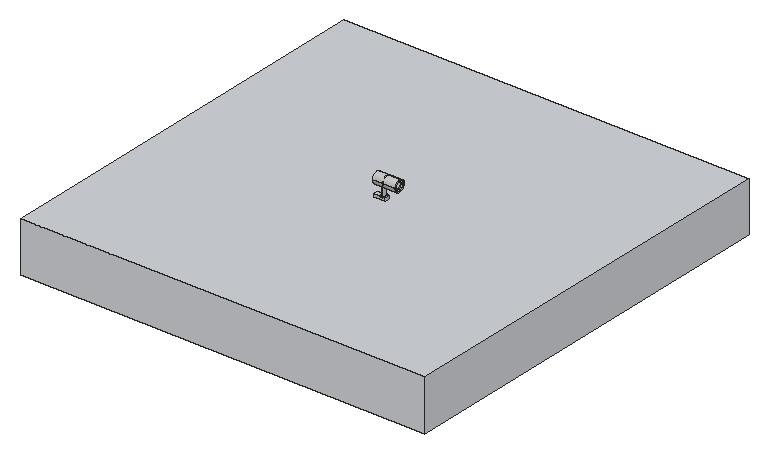
Revit family "LAMP_HANCE TRACK SPOT", category Modelos genéricos, Revit 2015
Parameters (values of type "736LM 3000 BLACK")
  Weight = 0.47 kg
  Type = "COB PHILIPS"
  Total height = 190 mm
  Tilting angle [instance] = 90.00°
  Tilting [instance] = if(Tilting angle < 0.00°, 0.00°, if(Tilting angle > 90.00°, 90.00°, Tilting angle))  # 90.00°
  Rotation angle [instance] = 0.00°
  Rotation [instance] = if(Rotation angle < 0.00°, 90.00°, if(Rotation angle > 355.00°, 85.00°, Rotation angle + 90.00°))  # 90.00°
  Protection rating = "IP20"
  Profundidad tija = if(Longitud cuerpo = 210 mm, 18 mm, 8.2 mm)  # 8.2 mm
  Product datasheet = "http://www.lamp.es/product-files/TECH/HS1TK10SP830NBB-EN.pdf"
  Product code = "HS1TK10SP830NBB"
  Product URL = "http://www.lamp.es/en/family/hance_173901"
  Power Supply = "220-240V 50-60Hz"
  Power = 7 W
  Plum = 8.2 W
  Photometric web file = Cuerpo Hance TRACK SP (tilting) : 736LM 3000 BLACK
  Modelo = Product code  # "HS1TK10SP830NBB"
  Model explanation = "Availability of tilting between 0º and 90º, rotation between 0º and 355º and change ring color when placed in a project."
  Material track = LAMP_Aluminio Hance Negro
  Material tija = LAMP_Aluminio Hance Negro
  Manufacturer name = "LAMP"
  Manufacturer country = "Spain"
  Manufacturer URL = "http://www.lamp.es/es/"
  MacAdam = "3"
  Luminaire type = "Indoor - Spotlight"
  Longitud cuerpo = 135 mm
  Longitud aro = if(Longitud cuerpo = 135 mm, 63.6 mm, if(Longitud cuerpo = 170 mm, 98.6 mm, 138.6 mm))  # 63.6 mm
  Last update = "08/08/2018"
  Lamp = "COB LED"
  LED Lifetime = "50.000 L90 B10"
  Insulation class = "I"
  Installation instructions = "http://www.lamp.es/product-files/INS/1004280-A-INSTR.%20MONT%20HANCE%20TRACK220-SUR-REC.pdf"
  Initial intensity = 736 lm
  Initial color = 3000 K
  IEE = "A+"
  Gear = "Electronic"
  Finish = "Texturised black"
  Fabricante = Manufacturer name  # "LAMP"
  Default Elevation = 1219.2 mm
  Efficacy = 89.78 lm/W
  Diameter = 65 mm
  Descripción = "HANCE TRACK 220 1000 WW SP BK."
  Decorative ring [instance] = Aro decorativo (tilting) : Black
  Comentarios de tipo = Model explanation  # "Availability of tilting between 0º and 90º, rotation between 0º and 355º and change ring color when placed in a project."
  CRI = "80"
  Body height = 135 mm
  Angulo aro [instance] = if(Tilting = 90.00°, 90.00°, -Tilting + 180.00°)  # 90.00°
  Anchura tija = if(Longitud cuerpo = 210 mm, 28 mm, 23 mm)  # 23 mm
  Altura tija = if(Longitud cuerpo = 210 mm, 49 mm, 63 mm)  # 63 mm
Types (17, lengths in mm): name | Weight | Total height | Profundidad tija | Product datasheet | Product code | Power | Plum | Photometric web file | Modelo | Material track | Material tija | Longitud cuerpo | Longitud aro | LED Lifetime | Initial intensity | Initial color | IEE | Finish | Efficacy | Diameter | Descripción | Body height | Anchura tija | Altura tija
  (no name) | 0.47 kg | 190 | 8.2 | "http://www.lamp.es/product-files/TECH/HS1TK10SP830NBB-EN.pdf" | "HS1TK10SP830NBB" | 7 W | 8.2 W | Cuerpo Hance TRACK SP (tilting) : 736LM 3000 BLACK | "HS1TK10SP830NBB" | LAMP_Aluminio Hance Negro | LAMP_Aluminio Hance Negro | 135 | 63.6 | "50.000 L90 B10" | 736 lm | 3000 K | "A+" | "Texturised black" | 89.78 lm/W | 65 | "HANCE TRACK 220 1000 WW SP BK." | 135 | 23 | 63
  736LM 3000 BLACK | 0.47 kg | 190 | 8.2 | "http://www.lamp.es/product-files/TECH/HS1TK10SP830NBB-EN.pdf" | "HS1TK10SP830NBB" | 7 W | 8.2 W | Cuerpo Hance TRACK SP (tilting) : 736LM 3000 BLACK | "HS1TK10SP830NBB" | LAMP_Aluminio Hance Negro | LAMP_Aluminio Hance Negro | 135 | 63.6 | "50.000 L90 B10" | 736 lm | 3000 K | "A+" | "Texturised black" | 89.78 lm/W | 65 | "HANCE TRACK 220 1000 WW SP BK." | 135 | 23 | 63
  736LM 3000 WHITE | 0.47 kg | 190 | 8.2 | "http://www.lamp.es/product-files/TECH/HS1TK10SP830NBW-EN.pdf" | "HS1TK10SP830NBW" | 7 W | 8.2 W | Cuerpo Hance TRACK SP (tilting) : 736LM 3000 WHITE | "HS1TK10SP830NBW" | LAMP_Aluminio Hance Blanco | LAMP_Aluminio Hance Blanco | 135 | 63.6 | "50.000 L90 B10" | 736 lm | 3000 K | "A+" | "Texturised matt white" | 89.78 lm/W | 65 | "HANCE TRACK 220 1000 WW SP WH." | 135 | 23 | 63
  778LM 4000 BLACK | 0.47 kg | 190 | 8.2 | "http://www.lamp.es/product-files/TECH/HS1TK10SP840NBB-EN.pdf" | "HS1TK10SP840NBB" | 7 W | 8.2 W | Cuerpo Hance TRACK SP (tilting) : 778LM 4000 BLACK | "HS1TK10SP840NBB" | LAMP_Aluminio Hance Negro | LAMP_Aluminio Hance Negro | 135 | 63.6 | "50.000 L90 B10" | 778 lm | 4000 K | "A+" | "Texturised black" | 94.88 lm/W | 65 | "HANCE TRACK 220 1000 NW SP BK." | 135 | 23 | 63
  778LM 4000 WHITE | 0.47 kg | 190 | 8.2 | "http://www.lamp.es/product-files/TECH/HS1TK10SP840NBW-EN.pdf" | "HS1TK10SP840NBW" | 7 W | 8.2 W | Cuerpo Hance TRACK SP (tilting) : 778LM 4000 WHITE | "HS1TK10SP840NBW" | LAMP_Aluminio Hance Blanco | LAMP_Aluminio Hance Blanco | 135 | 63.6 | "50.000 L90 B10" | 778 lm | 4000 K | "A+" | "Texturised matt white" | 94.88 lm/W | 65 | "HANCE TRACK 220 1000 NW SP WH." | 135 | 23 | 63
  1577LM 3000 BLACK | 0.65 kg | 225 | 8.2 | "http://www.lamp.es/product-files/TECH/HS1TK20SP830NBB-EN.pdf" | "HS1TK20SP830NBB" | 18 W | 21 W | Cuerpo Hance TRACK SP (tilting) : 1577LM 3000 BLACK | "HS1TK20SP830NBB" | LAMP_Aluminio Hance Negro | LAMP_Aluminio Hance Negro | 170 | 98.6 | "50.000 L80 B10" | 1577 lm | 3000 K | "A" | "Texturised black" | 75.12 lm/W | 65 | "HANCE TRACK 220 2000 WW SP BK." | 170 | 23 | 63
  1577LM 3000 WHITE | 0.65 kg | 225 | 8.2 | "http://www.lamp.es/product-files/TECH/HS1TK20SP830NBW-EN.pdf" | "HS1TK20SP830NBW" | 18 W | 21 W | Cuerpo Hance TRACK SP (tilting) : 1577LM 3000 WHITE | "HS1TK20SP830NBW" | LAMP_Aluminio Hance Blanco | LAMP_Aluminio Hance Blanco | 170 | 98.6 | "50.000 L80 B10" | 1577 lm | 3000 K | "A" | "Texturised matt white" | 75.12 lm/W | 65 | "HANCE TRACK 220 2000 WW SP WH." | 170 | 23 | 63
  1667LM 4000 BLACK | 0.65 kg | 225 | 8.2 | "http://www.lamp.es/product-files/TECH/HS1TK20SP840NBB-EN.pdf" | "HS1TK20SP840NBB" | 18 W | 21 W | Cuerpo Hance TRACK SP (tilting) : 1667LM 4000 BLACK | "HS1TK20SP840NBB" | LAMP_Aluminio Hance Negro | LAMP_Aluminio Hance Negro | 170 | 98.6 | "50.000 L80 B10" | 1667 lm | 4000 K | "A+" | "Texturised black" | 79.38 lm/W | 65 | "HANCE TRACK 220 2000 NW SP BK." | 170 | 23 | 63
  1667LM 4000 WHITE | 0.65 kg | 225 | 8.2 | "http://www.lamp.es/product-files/TECH/HS1TK20SP840NBW-EN.pdf" | "HS1TK20SP840NBW" | 18 W | 21 W | Cuerpo Hance TRACK SP (tilting) : 1667LM 4000 WHITE | "HS1TK20SP840NBW" | LAMP_Aluminio Hance Blanco | LAMP_Aluminio Hance Blanco | 170 | 98.6 | "50.000 L80 B10" | 1667 lm | 4000 K | "A+" | "Texturised matt white" | 79.38 lm/W | 65 | "HANCE TRACK 220 2000 NW SP WH." | 170 | 23 | 63
  2541LM 3000 BLACK | 1.35 kg | 266 | 18 | "http://www.lamp.es/product-files/TECH/HS1TK30SP830NBB-EN.pdf" | "HS1TK30SP830NBB" | 26 W | 28.6 W | Cuerpo Hance TRACK SP (tilting) : 2541LM 3000 BLACK | "HS1TK30SP830NBB" | LAMP_Aluminio Hance Negro | LAMP_Aluminio Hance Negro | 210 | 138.6 | "50.000 L80 B10" | 2541 lm | 3000 K | "A+" | "Texturised black" | 88.83 lm/W | 90 | "HANCE TRACK 220 2000 NW SP BL." | 210 | 28 | 49
  2541LM 3000 WHITE | 1.35 kg | 266 | 18 | "http://www.lamp.es/product-files/TECH/HS1TK30SP830NBW-EN.pdf" | "HS1TK30SP830NBW" | 26 W | 28.6 W | Cuerpo Hance TRACK SP (tilting) : 2541LM 3000 WHITE | "HS1TK30SP830NBW" | LAMP_Aluminio Hance Blanco | LAMP_Aluminio Hance Blanco | 210 | 138.6 | "50.000 L80 B10" | 2541 lm | 3000 K | "A+" | "Texturised matt white" | 88.83 lm/W | 90 | "HANCE TRACK 220 2000 NW SP WH." | 210 | 28 | 49
  2656LM 4000 BLACK | 1.35 kg | 266 | 18 | "http://www.lamp.es/product-files/TECH/HS1TK30SP840NBB-EN.pdf" | "HS1TK30SP840NBB" | 26 W | 28.6 W | Cuerpo Hance TRACK SP (tilting) : 2656LM 4000 BLACK | "HS1TK30SP840NBB" | LAMP_Aluminio Hance Negro | LAMP_Aluminio Hance Negro | 210 | 138.6 | "50.000 L80 B10" | 2656 lm | 4000 K | "A+" | "Texturised black" | 92.87 lm/W | 90 | "HANCE TRACK 220 3000 NW SP BK." | 210 | 28 | 49
  2656LM 4000 WHITE | 1.35 kg | 266 | 18 | "http://www.lamp.es/product-files/TECH/HS1TK30SP840NBW-EN.pdf" | "HS1TK30SP840NBW" | 26 W | 28.6 W | Cuerpo Hance TRACK SP (tilting) : 2656LM 4000 WHITE | "HS1TK30SP840NBW" | LAMP_Aluminio Hance Blanco | LAMP_Aluminio Hance Blanco | 210 | 138.6 | "50.000 L80 B10" | 2656 lm | 4000 K | "A+" | "Texturised matt white" | 92.87 lm/W | 90 | "HANCE TRACK 220 3000 NW SP WH." | 210 | 28 | 49
  3295LM 3000 BLACK | 1.35 kg | 266 | 18 | "http://www.lamp.es/product-files/TECH/HS1TK40SP830NBB-EN.pdf" | "HS1TK40SP830NBB" | 35 W | 39.5 W | Cuerpo Hance TRACK SP (tilting) : 3295LM 3000 BLACK | "HS1TK40SP830NBB" | LAMP_Aluminio Hance Negro | LAMP_Aluminio Hance Negro | 210 | 138.6 | "50.000 L80 B10" | 3295 lm | 3000 K | "A+" | "Texturised black" | 83.42 lm/W | 90 | "HANCE TRACK 220 4000 WW SP BK." | 210 | 28 | 49
  3295LM 3000 WHITE | 1.35 kg | 266 | 18 | "http://www.lamp.es/product-files/TECH/HS1TK40SP830NBW-EN.pdf" | "HS1TK40SP830NBW" | 35 W | 39.5 W | Cuerpo Hance TRACK SP (tilting) : 3295LM 3000 WHITE | "HS1TK40SP830NBW" | LAMP_Aluminio Hance Blanco | LAMP_Aluminio Hance Blanco | 210 | 138.6 | "50.000 L80 B10" | 3295 lm | 3000 K | "A+" | "Texturised matt white" | 83.42 lm/W | 90 | "HANCE TRACK 220 4000 WW SP WH." | 210 | 28 | 49
  3431LM 4000 BLACK | 1.35 kg | 266 | 18 | "http://www.lamp.es/product-files/TECH/HS1TK40SP840NBB-EN.pdf" | "HS1TK40SP840NBB" | 35 W | 39.5 W | Cuerpo Hance TRACK SP (tilting) : 3431LM 4000 BLACK | "HS1TK40SP840NBB" | LAMP_Aluminio Hance Negro | LAMP_Aluminio Hance Negro | 210 | 138.6 | "50.000 L80 B10" | 3431 lm | 4000 K | "A+" | "Texturised black" | 86.86 lm/W | 90 | "HANCE TRACK 220 4000 NW SP BK." | 210 | 28 | 49
  3431LM 4000 WHITE | 1.35 kg | 266 | 18 | "http://www.lamp.es/product-files/TECH/HS1TK40SP840NBW-EN.pdf" | "HS1TK40SP840NBW" | 35 W | 39.5 W | Cuerpo Hance TRACK SP (tilting) : 3431LM 4000 WHITE | "HS1TK40SP840NBW" | LAMP_Aluminio Hance Blanco | LAMP_Aluminio Hance Blanco | 210 | 138.6 | "50.000 L80 B10" | 3431 lm | 4000 K | "A+" | "Texturised matt white" | 86.86 lm/W | 90 | "HANCE TRACK 220 4000 NW SP WH." | 210 | 28 | 49
Reference planes
  plane 1 "Centro (Frontal/Posterior)": y = 0
  plane 2: z = 0
  plane 3 "Centro (Izquierda/Derecha)": x = 0
Forms (mm)
  Extrusion 1, solid
    sketch origin (0, 0, 0) x (1, 0, 0) y (0, 1, 0)
      loop
        line (-1219.2, 1219.2) -> (-1219.2, -1219.2) -> (1219.2, -1219.2) -> (1219.2, 1219.2) -> (-1219.2, 1219.2)
    from 0 to -304.8
  Extrusion 2, solid, material "LAMP_Aluminio Hance Negro" <- "Material track"
    sketch origin (-17.6, 0, 0) x (1, 0, 0) y (0, 1, 0)
      loop
        arc (-31.129, 16) -> (-35, 0) -> (-31.129, -16) r 35
        line (-31.129, -16) -> (31.129, -16)
        arc (31.129, -16) -> (35, 0) -> (31.129, 16) r 35
        line (31.129, 16) -> (-31.129, 16)
    from -26 to 14
  Extrusion 3, void
    sketch origin (0, 0, 0) x (0, 1, 0) y (0, 0, 1)
      loop
        line (17, 0) -> (7, 0) -> (7, -25) -> (-7, -25) -> (-7, 0) -> (-17, 0) -> (-17, -26) -> (17, -26) -> (17, 0)
    from -55.461 to 19.43
  Extrusion 4, void
    sketch origin (-17.6, 0, 0) x (-1, 0, 0) y (0, -1, 0)
      loop
        circle (-17.6, 0) r 6.5
    from -7.7 to 14
  Extrusion 5, solid, material "LAMP_Aluminio Hance Negro" <- "Material track"
    sketch origin (0, 0, 0) x (1, 0, 0) y (0, 1, 0)
      loop
        circle (-1, 0) r 15.5
    from 14 to 18
Cuts and joins
  Extrusion 3, Extrusion 4 cuts Extrusion 2
Lines and regions (mm)
  reference lines
    curve 1: line (0, 0, 0) -> (50, 0, 0)
Text (mm)
  text "Any modification of the parameters and properties of the LAMP BIM models must be executed and validated by the LAMP technical department.\n\nPhone: +34 93 736 68 00\n\nE-mail: lamp@lamp.es\n\n\n\nLAMP reserves the right to modify the technical specifications of its products." at (-20972.013, 13751.942, -8580.163), in view "Preview"
Dimensions and locks
  "Rotation": angle curve 1 to plane 3 "Centro (Izquierda/Derecha)"
  aligned and locked: plane 2 to Extrusion 1
  aligned and locked: level to Extrusion 1
  aligned and locked: plane 3 "Centro (Izquierda/Derecha)" to curve 1
  aligned and locked: plane 1 "Centro (Frontal/Posterior)" to curve 1
Automatic sketch dimensions
  Extrusion 1 sketch curve to Extrusion 1 sketch curve = 2438.4 mm  (x2)
  Extrusion 2 sketch curve to Extrusion 2 sketch curve = 0 mm  (x2)
  plane 1 "Centro (Frontal/Posterior)" to Extrusion 2 sketch curve = 0 mm
  Extrusion 2 sketch curve to plane 1 "Centro (Frontal/Posterior)" = 16 mm
  Extrusion 2 sketch curve to plane 3 "Centro (Izquierda/Derecha)" = 48.729 mm
  plane 1 "Centro (Frontal/Posterior)" to Extrusion 2 sketch curve = 16 mm
  Extrusion 2 sketch curve to plane 3 "Centro (Izquierda/Derecha)" = 17.6 mm
  plane 3 "Centro (Izquierda/Derecha)" to Extrusion 2 sketch curve = 13.529 mm
  Extrusion 3 sketch curve to level = 0 mm  (x2)
  plane 1 "Centro (Frontal/Posterior)" to Extrusion 3 sketch curve = 17 mm
  plane 1 "Centro (Frontal/Posterior)" to Extrusion 3 sketch curve = 7 mm
  Extrusion 3 sketch curve to plane 1 "Centro (Frontal/Posterior)" = 7 mm
  Extrusion 3 sketch curve to Extrusion 3 sketch curve = 10 mm
  Extrusion 3 sketch curve to Extrusion 3 sketch curve = 25 mm
  Extrusion 3 sketch curve to Extrusion 3 sketch curve = 1 mm
  plane 1 "Centro (Frontal/Posterior)" to Extrusion 4 sketch curve = 0 mm
  Extrusion 4 sketch curve to plane 3 "Centro (Izquierda/Derecha)" = 0 mm
  Extrusion 5 sketch curve to curve 1 = 0 mm
  Extrusion 5 sketch curve to curve 1 = 1 mm
  radius of Extrusion 4 sketch curve = 6.5 mm
  radius of Extrusion 5 sketch curve = 15.5 mm
Nested families
  nested 1: "Aro decorativo (tilting)" at (-0.5, 0, 73.163) x (1, 0, 0) z (0, 0, -1), type <- "Decorative ring", type "Black"
  nested 2: "Tija track" at (1, 0, 18), type "Tija track"
  nested 3: "Cuerpo Hance TRACK SP (tilting)" at (-0.525, 0, 73.145) x (1, 0, 0) z (0, 0, -1), type <- "Photometric web file", type "736LM 3000 BLACK"
Connectors
  electrical at (-17.6, 0, -25)
    settings: on cut or joined group of Extrusion 2, Extrusion 3, Extrusion 4, index 1, voltage 230 V, apparent load 0 VA, apparent load phase1 0 VA, apparent load phase2 0 VA, apparent load phase3 0 VA, power factor 1, load classification "Otro", number of poles 1, system type 31, power factor state 1, is connector primary yes, connector utility no, sub classification motor no, connector description ""
Definition of nested family "Aro decorativo (tilting)"
  Parameters (values of type "Copper")
    Weight (3000/4000) = 0.016 kg
    Weight (1000/2000) = 0.01 kg
    Tilting = 90.00°
    Product datasheet = ""
    Product code (3000/4000) = "HSRI90C"
    Product code (1000/2000) = "HSRI65C"
    Product URL = ""
    Model = ""
    Material aro = none
    Manufacturer name = "LAMP"
    Manufacturer country = "Spain"
    Manufacturer URL = "http://www.lamp.es/en"
    Longitud = 63.6 mm
    Last update = "21/05/2018"
    Installation instructions = ""
    Finish = "Metalized matt copper"
    Manufacturer = Manufacturer name  # "LAMP"
    Default Elevation = 1219.2 mm
    Diameter (3000/4000) = 90 mm
    Diameter (1000/2000) = 65 mm
    Description = ""
    Accessory Type = "Optic"
    3000/4000 Model = "HSRI90C"
    3000/4000 Description = "HANCE 3000/4000 ACC. RING DECO CO."
    1000/2000 Model = "HSRI65C"
    1000/2000 Description = "HANCE 1000/2000 ACC. RING DECO CO."
  Types (5, lengths in mm): name | Product code (3000/4000) | Product code (1000/2000) | Finish | 3000/4000 Model | 3000/4000 Description | 1000/2000 Model | 1000/2000 Description
    (no name) | "HSRI90C" | "HSRI65C" | "Metalized matt copper" | "HSRI90C" | "HANCE 3000/4000 ACC. RING DECO CO." | "HSRI65C" | "HANCE 1000/2000 ACC. RING DECO CO."
    Black | "HSRI90B" | "HSRI65B" | "Matt black" | "HSRI90B" | "HANCE 3000/4000 ACC. RING DECO BK." | "HSRI65B" | "HANCE 1000/2000 ACC. RING DECO BK."
    Copper | "HSRI90C" | "HSRI65C" | "Metalized matt copper" | "HSRI90C" | "HANCE 3000/4000 ACC. RING DECO CO." | "HSRI65C" | "HANCE 1000/2000 ACC. RING DECO CO."
    Grey | "HSRI90M" | "HSRI65M" | "Metalized matt silver" | "HSRI90M" | "HANCE 3000/4000 ACC. RING DECO MET." | "HSRI65M" | "HANCE 1000/2000 ACC. RING DECO MET."
    White | "HSRI90W" | "HSRI65W" | "Matt White" | "HSRI90W" | "HANCE 3000/4000 ACC. RING DECO WH." | "HSRI65W" | "HANCE 1000/2000 ACC. RING DECO WH."
  Reference planes
    plane 1 "Centro (Frontal/Posterior)": y = 0
    plane 2: z = 0
    plane 3 "Centro (Izquierda/Derecha)": x = 0
  Lines and regions (mm)
    reference lines
      curve 1: line (0, 0, 0) -> (0, 0, -27.9)
      curve 2: line (0, 0, -27.9) -> (80.8, 0, -27.9)
  Text (mm)
    text "Any modification of the parameters and properties of the LAMP BIM models must be executed and validated by the LAMP technical department.\n\nPhone: +34 93 736 68 00\n\nE-mail: lamp@lamp.es\n\n\n\nLAMP reserves the right to modify the technical specifications of its products." at (86527.204, -96597.187, 50741.736), in view "Preview"
  Dimensions and locks
    "Tilting": angle curve 1 to plane 2
    aligned and locked: level to plane 2
    aligned and locked: plane 3 "Centro (Izquierda/Derecha)" to curve 1
    aligned and locked: plane 2 to curve 1
  Automatic sketch dimensions
    curve 2 to curve 1 = 0 mm
    curve 1 to curve 2 = 0 mm
    curve 1 to curve 2 = 80.8 mm
  Nested families
    nested 1: "Aro decorativo" at (17.2, 0, 0), type "Copper"
  Definition of nested family "Aro decorativo"
    Parameters (values of type "Copper")
      Weight (3000/4000) = 0.016 kg
      Weight (1000/2000) = 0.01 kg
      Product datasheet = ""
      Product code (3000/4000) = "HSRI90C"
      Product code (1000/2000) = "HSRI65C"
      Product URL = ""
      Model = ""
      Material aro = none
      Manufacturer name = "LAMP"
      Manufacturer country = "Spain"
      Manufacturer URL = "http://www.lamp.es/en"
      Longitud = 63.6 mm
      Last update = "21/05/2018"
      Installation instructions = ""
      Finish = "Metalized matt copper"
      Manufacturer = Manufacturer name  # "LAMP"
      Default Elevation = 1219.2 mm
      Diametro vaciado aro interior = if(Diametro aro interior = 35.4 mm, 34.4 mm, 21.9 mm)  # 21.9 mm
      Diametro vaciado aro exterior = if(Diametro aro exterior = 42.9 mm, 41.9 mm, 29.4 mm)  # 29.4 mm
      Diametro aro interior = if(Diametro aro exterior = 42.9 mm, 35.4 mm, 22.9 mm)  # 22.9 mm
      Diametro aro exterior = if(Longitud = 138.6 mm, 42.9 mm, 30.4 mm)  # 30.4 mm
      Diameter (3000/4000) = 90 mm
      Diameter (1000/2000) = 65 mm
      Description = ""
      Accessory Type = "Optic"
      3000/4000 Model = "HSRI90C"
      3000/4000 Description = "HANCE 3000/4000 ACC. RING DECO CO."
      1000/2000 Description = "HANCE 1000/2000 ACC. RING DECO CO."
      1000/2000 Model = "HSRI65C"
    Types (5, lengths in mm): name | Product code (3000/4000) | Product code (1000/2000) | Finish | 3000/4000 Model | 3000/4000 Description | 1000/2000 Description | 1000/2000 Model
      (no name) | "HSRI90C" | "HSRI65C" | "Metalized matt copper" | "HSRI90C" | "HANCE 3000/4000 ACC. RING DECO CO." | "HANCE 1000/2000 ACC. RING DECO CO." | "HSRI65C"
      Black | "HSRI90B" | "HSRI65B" | "Matt black" | "HSRI90B" | "HANCE 3000/4000 ACC. RING DECO BK." | "HANCE 1000/2000 ACC. RING DECO BK." | "HSRI65B"
      Copper | "HSRI90C" | "HSRI65C" | "Metalized matt copper" | "HSRI90C" | "HANCE 3000/4000 ACC. RING DECO CO." | "HANCE 1000/2000 ACC. RING DECO CO." | "HSRI65C"
      Grey | "HSRI90M" | "HSRI65M" | "Metalized matt silver" | "HSRI90M" | "HANCE 3000/4000 ACC. RING DECO MET." | "HANCE 1000/2000 ACC. RING DECO MET." | "HSRI65M"
      White | "HSRI90W" | "HSRI65W" | "Matt white" | "HSRI90W" | "HANCE 3000/4000 ACC. RING DECO WH." | "HANCE 1000/2000 ACC. RING DECO WH." | "HSRI65W"
    Reference planes
      plane 1 "Centro (Frontal/Posterior)": y = 0
      plane 2: z = 0
      plane 3 "Centro (Izquierda/Derecha)": x = 0
    Forms (mm)
      Revolve 1, solid, material <- "Material aro"
        sketch origin (0, 0, -27.9) x (1, 0, 0) y (0, 0, 1)
          loop
            line (63.6, 0) -> (73.782, 0) -> (73.782, 30.4) -> (63.6, 22.9) -> (63.6, 0)
          axis (73.782, 0) -> (63.6, 0)
        angle from 0 to 360
      Revolve 2, void
        sketch origin (0, 0, -27.9) x (1, 0, 0) y (0, 0, 1)
          loop
            line (73.782, 29.4) -> (63.6, 21.9) -> (63.6, 0) -> (73.782, 0) -> (73.782, 29.4)
          axis (63.6, 0) -> (73.782, 0)
        angle from 0 to 360
    Cuts and joins
      Revolve 2 cuts Revolve 1
    Lines and regions (mm)
      reference lines
        curve 1: line (0, 0, -27.9) -> (63.6, 0, -27.9)
    Text (mm)
      text "Any modification of the parameters and properties of the LAMP BIM models must be executed and validated by the LAMP technical department.\n\nPhone: +34 93 736 68 00\n\nE-mail: lamp@lamp.es\n\n\n\nLAMP reserves the right to modify the technical specifications of its products." at (91886.357, -93022.329, 47898.266), in view "Preview"
    Dimensions and locks
      "Diametro aro exterior": Revolve 1 sketch curve to Revolve 1 sketch curve
      "Diametro vaciado aro exterior": Revolve 2 sketch curve to Revolve 2 sketch curve
      "Longitud": curve 1 to plane 3 "Centro (Izquierda/Derecha)"
      "Diametro aro interior": Revolve 1 sketch curve to Revolve 1 sketch curve
      "Diametro vaciado aro interior": Revolve 2 sketch curve to Revolve 2 sketch curve
      aligned and locked: level to plane 2
    Automatic sketch dimensions
      Revolve 1 sketch curve to curve 1 = 0 mm  (x4)
      curve 1 to Revolve 1 sketch curve = 10.182 mm
      Revolve 1 sketch curve to Revolve 1 sketch curve = 0 mm
      Revolve 2 sketch curve to curve 1 = 0 mm  (x3)
      curve 1 to Revolve 2 sketch curve = 10.182 mm
      Revolve 2 sketch curve to curve 1 = 1261.008 mm
      Revolve 2 sketch curve to Revolve 2 sketch curve = 1898.983 mm
      curve 1 to plane 3 "Centro (Izquierda/Derecha)" = 0 mm
      curve 1 to level = 27.9 mm
Definition of nested family "Tija track"
  Parameters (values of type "Tija track")
    Profundidad tija = 8.2 mm
    Material tija = none
    Default Elevation = 1219.2 mm
    Anchura tija = 23 mm
    Profundo vaciado = if(Profundidad tija = 18 mm, 10.8 mm, 1 mm)  # 1 mm
    Ancho vaciado = Anchura tija  # 23 mm
    Altura tija = 63 mm
  Reference planes
    plane 1 "Centro (Frontal/Posterior)": y = 0
    plane 2: z = 0
    plane 3 "Centro (Izquierda/Derecha)": x = 0
  Forms (mm)
    Extrusion 1, solid
      sketch origin (0, 0, 0) x (1, 0, 0) y (0, 1, 0)
        loop
          line (-1219.2, 1219.2) -> (-1219.2, -1219.2) -> (1219.2, -1219.2) -> (1219.2, 1219.2) -> (-1219.2, 1219.2)
      from 0 to -304.8
    Extrusion 2, solid, material <- "Material tija"
      sketch origin (0, 0, -18) x (1, 0, 0) y (0, 0, 1)
        loop
          line (4.1, 18) -> (4.1, 81) -> (-6.297, 81)
          arc (-6.297, 81) -> (-12.297, 75) -> (-6.297, 69) r 6
          line (-6.297, 69) -> (-4.1, 69) -> (-4.1, 18) -> (4.1, 18)
      from -11.5 to 11.5
    Extrusion 3, void
      sketch origin (0, 0, -20) x (-1, 0, 0) y (0, 0, 1)
        loop
          circle (7.297, 77) r 3
        loop
          circle (7.297, 63) r 3
      from -17.317 to 15.502
    Extrusion 4, void
      sketch origin (1, -11.5, 0) x (-1, 0, 0) y (0, 1, 0)
        loop
          line (0, 23) -> (-38.141, 23) -> (-38.141, 0) -> (0, 0)
          arc (0, 0) -> (-1.663, 11.5) -> (0, 23) r 40.6
      from -63 to 0
  Cuts and joins
    Extrusion 3, Extrusion 4 cuts Extrusion 2
  Lines and regions (mm)
    reference lines
      curve 1: line (1, -11.5, 0) -> (1, 11.5, 0)
  Dimensions and locks
    equal spacing: cut or joined group of Extrusion 2, Extrusion 3, Extrusion 4, plane 1 "Centro (Frontal/Posterior)", cut or joined group of Extrusion 2, Extrusion 3, Extrusion 4
    "Anchura tija": cut or joined group of Extrusion 2, Extrusion 3, Extrusion 4 to cut or joined group of Extrusion 2, Extrusion 3, Extrusion 4
    plane 1 "Centro (Frontal/Posterior)" to Extrusion 4 sketch curve = 11.5 mm
    "Altura tija": Extrusion 2 sketch curve to Extrusion 2 sketch curve
    "Profundidad tija": cut or joined group of Extrusion 2, Extrusion 3, Extrusion 4 to cut or joined group of Extrusion 2, Extrusion 3, Extrusion 4
    locked: cut or joined group of Extrusion 2, Extrusion 3, Extrusion 4 to plane 3 "Centro (Izquierda/Derecha)" at 4.1
    locked: plane 3 "Centro (Izquierda/Derecha)" to Extrusion 4 sketch curve at 39.141
    "Profundo vaciado": plane 3 "Centro (Izquierda/Derecha)" to curve 1
    "Ancho vaciado": Extrusion 4 sketch curve to Extrusion 4 sketch curve
    equal spacing: Extrusion 4 sketch curve, plane 1 "Centro (Frontal/Posterior)", Extrusion 4 sketch curve
    aligned and locked: plane 2 to Extrusion 1
    aligned and locked: level to Extrusion 1
  Automatic sketch dimensions
    Extrusion 1 sketch curve to Extrusion 1 sketch curve = 2438.4 mm  (x2)
    Extrusion 3 sketch curve to plane 3 "Centro (Izquierda/Derecha)" = 7.297 mm  (x2)
    level to Extrusion 3 sketch curve = 43 mm
    Extrusion 3 sketch curve to Extrusion 3 sketch curve = 14 mm
    Extrusion 2 sketch curve to level = 0 mm
    Extrusion 2 sketch curve to plane 3 "Centro (Izquierda/Derecha)" = 6.297 mm
    Extrusion 2 sketch curve to Extrusion 2 sketch curve = 2.197 mm
    plane 3 "Centro (Izquierda/Derecha)" to Extrusion 2 sketch curve = 4.1 mm
    Extrusion 2 sketch curve to Extrusion 2 sketch curve = 12 mm
    plane 1 "Centro (Frontal/Posterior)" to curve 1 = 11.5 mm
    curve 1 to plane 1 "Centro (Frontal/Posterior)" = 11.5 mm
    Extrusion 4 sketch curve to curve 1 = 0 mm  (x2)
    curve 1 to Extrusion 4 sketch curve = 38.937 mm
    radius of Extrusion 3 sketch curve = 3 mm  (x2)
Definition of nested family "Cuerpo Hance TRACK SP (tilting)"
  Parameters (values of type "736LM 3000 BLACK")
    Tilting = 90.00°
    Photometric web file = Cuerpo Hance TRACK SP : 736LM 3000 BLACK
    Longitud cuerpo = 135 mm
    Default Elevation = 1219.2 mm
  Types (17, lengths in mm): name | Photometric web file | Longitud cuerpo
    (no name) | Cuerpo Hance TRACK SP : 736LM 3000 BLACK | 135
    736LM 3000 BLACK | Cuerpo Hance TRACK SP : 736LM 3000 BLACK | 135
    736LM 3000 WHITE | Cuerpo Hance TRACK SP : 736LM 3000 WHITE | 135
    778LM 4000 BLACK | Cuerpo Hance TRACK SP : 778LM 4000 BLACK | 135
    778LM 4000 WHITE | Cuerpo Hance TRACK SP : 778LM 4000 WHITE | 135
    1577LM 3000 BLACK | Cuerpo Hance TRACK SP : 1577LM 3000 BLACK | 170
    1577LM 3000 WHITE | Cuerpo Hance TRACK SP : 1577LM 3000 WHITE | 170
    1667LM 4000 BLACK | Cuerpo Hance TRACK SP : 1667LM 4000 BLACK | 170
    1667LM 4000 WHITE | Cuerpo Hance TRACK SP : 1667LM 4000 WHITE | 170
    2541LM 3000 BLACK | Cuerpo Hance TRACK SP : 2541LM 3000 BLACK | 210
    2541LM 3000 WHITE | Cuerpo Hance TRACK SP : 2541LM 3000 WHITE | 210
    2656LM 4000 BLACK | Cuerpo Hance TRACK SP : 2656LM 4000 BLACK | 210
    2656LM 4000 WHITE | Cuerpo Hance TRACK SP : 2656LM 4000 WHITE | 210
    3295LM 3000 BLACK | Cuerpo Hance TRACK SP : 3295LM 3000 BLACK | 210
    3295LM 3000 WHITE | Cuerpo Hance TRACK SP : 3295LM 3000 WHITE | 210
    3431LM 4000 BLACK | Cuerpo Hance TRACK SP : 3431LM 4000 BLACK | 210
    3431LM 4000 WHITE | Cuerpo Hance TRACK SP : 3431LM 4000 WHITE | 210
  Reference planes
    plane 1 "Centro (Frontal/Posterior)": y = 0
    plane 2: z = 0
    plane 3 "Centro (Izquierda/Derecha)": x = 0
  Lines and regions (mm)
    reference lines
      curve 1: line (0, 0, 0) -> (200, 0, 0)
  Dimensions and locks
    "Tilting": angle plane 3 "Centro (Izquierda/Derecha)" to curve 1
    aligned and locked: level to plane 2
    aligned and locked: plane 3 "Centro (Izquierda/Derecha)" to curve 1
    aligned and locked: plane 2 to curve 1
  Nested families
    nested 1: "Cuerpo Hance TRACK SP" at (0, 0, 0), type <- "Photometric web file", type "736LM 3000 BLACK"
  Definition of nested family "Cuerpo Hance TRACK SP"
    Parameters (values of type "736LM 3000 BLACK")
      Tilt Angle = 90.00° + Tilting  # 180.00°
      Wattage = 8.2 W
      Tilting = 90.00°
      built-in parameter 1150107 = 3000 (stored number, unit not read)
      Radio vacio posterior = Radio cuerpo - 2.2 mm  # 30.3 mm
      Radio vaciado = Radio cuerpo - 1.5 mm  # 31 mm
      Radio cuerpo = if(Longitud cuerpo = 210 mm, 45 mm, 32.5 mm)  # 32.5 mm
      built-in parameter 1150110 = 1 (stored number, unit not read)
      built-in parameter 1150109 = 1 (stored number, unit not read)
      built-in parameter 1150112 = 1 (stored number, unit not read)
      built-in parameter 1150113 = 1 (stored number, unit not read)
      built-in parameter 1114218 = 1 (stored number, unit not read)
      built-in parameter 1150137 = (empty or 0)
      built-in parameter 1150132 = 2
      Material reflector = none
      Material cuerpo = none
      Material COB = none
      Longitud cuerpo = 135 mm
      Long. origen luz = if(Longitud cuerpo = 135 mm, 20 mm, if(Longitud cuerpo = 170 mm, 55 mm, 90 mm))  # 20 mm
      L_3 = if(Ancho disipador posterior = 80.4 mm, 39.6 mm, 12 mm)  # 12 mm
      L_2 = if(Ancho disipador posterior = 80.4 mm, 36.3 mm, 22.6 mm)  # 22.6 mm
      L_1 = if(Ancho disipador posterior = 80.4 mm, 36.8 mm, 25.4 mm)  # 25.4 mm
      built-in parameter 1150105 = 12848.5 (stored number, unit not read)
      built-in parameter 1150102 = (empty or 0)
      built-in parameter 1150106 = 128.48 (stored number, unit not read)
      Lumens = 736.196 lm
      Color Filter = 16777215
      built-in parameter 1114217 = 1 (stored number, unit not read)
      built-in parameter 1150139 = (empty or 0)
      Default Elevation = 1219.2 mm
      built-in parameter 1150104 = 8.3408 (stored number, unit not read)
      Efficacy = 89.78 lm/W
      Diametro aro = if(Radio cuerpo = 45 mm, 42.9 mm, 30.4 mm)  # 30.4 mm
      built-in parameter 1150115 = 1 (stored number, unit not read)
      built-in parameter 1150114 = 1 (stored number, unit not read)
      built-in parameter 1150138 = (empty or 0)
      built-in parameter 1150134 = (empty or 0)
      Dimming Lamp Color Temperature Shift = (empty or 0)
      Photometric Web File = "HS1TK10SP830NBB.IES"
      Ancho vaciado reflector = if(Radio cuerpo = 45 mm, 34.4 mm, 21.9 mm)  # 21.9 mm
      Ancho reflector = if(Radio cuerpo = 45 mm, 35.4 mm, 22.9 mm)  # 22.9 mm
      Ancho disipador posterior = if(Radio cuerpo = 32.5 mm, 53 mm, 80.4 mm)  # 53 mm
      built-in parameter 1150133 = 10 (stored number, unit not read)
      Altura disipador superior = if(Radio cuerpo = 45 mm, 23.9 mm, 36.9 mm)  # 36.9 mm
      Ancho disipador superior = if(Radio cuerpo = 45 mm, 28 mm, 22.6 mm)  # 22.6 mm
    Types (16, lengths in mm): name | Wattage | built-in parameter 1150107 | Radio vacio posterior | Radio vaciado | Radio cuerpo | Longitud cuerpo | Long. origen luz | L_3 | L_2 | L_1 | built-in parameter 1150105 | built-in parameter 1150106 | Lumens | built-in parameter 1150104 | Efficacy | Diametro aro | built-in parameter 1150134 | Photometric Web File | Ancho vaciado reflector | Ancho reflector | Ancho disipador posterior | Altura disipador superior | Ancho disipador superior
      736LM 3000 BLACK | 8.2 W | 3000 (stored number, unit not read) | 30.3 | 31 | 32.5 | 135 | 20 | 12 | 22.6 | 25.4 | 12848.5 (stored number, unit not read) | 128.48 (stored number, unit not read) | 736.196 lm | 8.3408 (stored number, unit not read) | 89.78 lm/W | 30.4 | (empty or 0) | "HS1TK10SP830NBB.IES" | 21.9 | 22.9 | 53 | 36.9 | 22.6
      736LM 3000 WHITE | 8.2 W | 3000 (stored number, unit not read) | 30.3 | 31 | 32.5 | 135 | 20 | 12 | 22.6 | 25.4 | 12848.5 (stored number, unit not read) | 128.48 (stored number, unit not read) | 736.196 lm | 8.3408 (stored number, unit not read) | 89.78 lm/W | 30.4 | (empty or 0) | "HS1TK10SP830NBW.IES" | 21.9 | 22.9 | 53 | 36.9 | 22.6
      778LM 4000 BLACK | 8.2 W | 4000 (stored number, unit not read) | 30.3 | 31 | 32.5 | 135 | 20 | 12 | 22.6 | 25.4 | 13578.3 (stored number, unit not read) | 135.78 (stored number, unit not read) | 778.016 lm | 8.8146 (stored number, unit not read) | 94.88 lm/W | 30.4 | 12 | "HS1TK10SP840NBB.IES" | 21.9 | 22.9 | 53 | 36.9 | 22.6
      778LM 4000 WHITE | 8.2 W | 4000 (stored number, unit not read) | 30.3 | 31 | 32.5 | 135 | 20 | 12 | 22.6 | 25.4 | 13578.3 (stored number, unit not read) | 135.78 (stored number, unit not read) | 778.016 lm | 8.8146 (stored number, unit not read) | 94.88 lm/W | 30.4 | 12 | "HS1TK10SP840NBW.IES" | 21.9 | 22.9 | 53 | 36.9 | 22.6
      1577LM 3000 BLACK | 21 W | 3000 (stored number, unit not read) | 30.3 | 31 | 32.5 | 170 | 55 | 12 | 22.6 | 25.4 | 8331.3 (stored number, unit not read) | 83.313 (stored number, unit not read) | 1577.52 lm | 6.9789 (stored number, unit not read) | 75.12 lm/W | 30.4 | (empty or 0) | "HS1TK20SP830NBB.IES" | 21.9 | 22.9 | 53 | 36.9 | 22.6
      1577LM 3000 WHITE | 21 W | 3000 (stored number, unit not read) | 30.3 | 31 | 32.5 | 170 | 55 | 12 | 22.6 | 25.4 | 8331.3 (stored number, unit not read) | 83.313 (stored number, unit not read) | 1577.52 lm | 6.9789 (stored number, unit not read) | 75.12 lm/W | 30.4 | (empty or 0) | "HS1TK20SP830NBW.IES" | 21.9 | 22.9 | 53 | 36.9 | 22.6
      1667LM 4000 BLACK | 21 W | 4000 (stored number, unit not read) | 30.3 | 31 | 32.5 | 170 | 55 | 12 | 22.6 | 25.4 | 9070.2 (stored number, unit not read) | 90.702 (stored number, unit not read) | 1666.98 lm | 7.3746 (stored number, unit not read) | 79.38 lm/W | 30.4 | 12 | "HS1TK20SP840NBB.IES" | 21.9 | 22.9 | 53 | 36.9 | 22.6
      1667LM 4000 WHITE | 21 W | 4000 (stored number, unit not read) | 30.3 | 31 | 32.5 | 170 | 55 | 12 | 22.6 | 25.4 | 9070.2 (stored number, unit not read) | 90.702 (stored number, unit not read) | 1666.98 lm | 7.3746 (stored number, unit not read) | 79.38 lm/W | 30.4 | 12 | "HS1TK20SP840NBW.IES" | 21.9 | 22.9 | 53 | 36.9 | 22.6
      2541LM 3000 BLACK | 28.6 W | 3000 (stored number, unit not read) | 42.8 | 43.5 | 45 | 210 | 90 | 39.6 | 36.3 | 36.8 | 13823.3 (stored number, unit not read) | 138.23 (stored number, unit not read) | 2540.54 lm | 8.2526 (stored number, unit not read) | 88.83 lm/W | 42.9 | (empty or 0) | "HS1TK30SP830NBB.IES" | 34.4 | 35.4 | 80.4 | 23.9 | 28
      2541LM 3000 WHITE | 28.6 W | 3000 (stored number, unit not read) | 42.8 | 43.5 | 45 | 210 | 90 | 39.6 | 36.3 | 36.8 | 13823.3 (stored number, unit not read) | 138.23 (stored number, unit not read) | 2540.54 lm | 8.2526 (stored number, unit not read) | 88.83 lm/W | 42.9 | (empty or 0) | "HS1TK30SP830NBW.IES" | 34.4 | 35.4 | 80.4 | 23.9 | 28
      2656LM 4000 BLACK | 28.6 W | 4000 (stored number, unit not read) | 42.8 | 43.5 | 45 | 210 | 90 | 39.6 | 36.3 | 36.8 | 19226 (stored number, unit not read) | 192.26 (stored number, unit not read) | 2656.08 lm | 8.6279 (stored number, unit not read) | 92.87 lm/W | 42.9 | 12 | "HS1TK30SP840NBB.IES" | 34.4 | 35.4 | 80.4 | 23.9 | 28
      2656LM 4000 WHITE | 28.6 W | 4000 (stored number, unit not read) | 42.8 | 43.5 | 45 | 210 | 90 | 39.6 | 36.3 | 36.8 | 19226 (stored number, unit not read) | 192.26 (stored number, unit not read) | 2656.08 lm | 8.6279 (stored number, unit not read) | 92.87 lm/W | 42.9 | 12 | "HS1TK30SP840NBW.IES" | 34.4 | 35.4 | 80.4 | 23.9 | 28
      3295LM 3000 BLACK | 39.5 W | 3000 (stored number, unit not read) | 42.8 | 43.5 | 45 | 210 | 90 | 39.6 | 36.3 | 36.8 | 23851.4 (stored number, unit not read) | 238.51 (stored number, unit not read) | 3295.09 lm | 7.75 (stored number, unit not read) | 83.42 lm/W | 42.9 | (empty or 0) | "HS1TK40SP830NBB.IES" | 34.4 | 35.4 | 80.4 | 23.9 | 28
      3295LM 3000 WHITE | 39.5 W | 3000 (stored number, unit not read) | 42.8 | 43.5 | 45 | 210 | 90 | 39.6 | 36.3 | 36.8 | 23851.4 (stored number, unit not read) | 238.51 (stored number, unit not read) | 3295.09 lm | 7.75 (stored number, unit not read) | 83.42 lm/W | 42.9 | (empty or 0) | "HS1TK40SP830NBW.IES" | 34.4 | 35.4 | 80.4 | 23.9 | 28
      3431LM 4000 BLACK | 39.5 W | 4000 (stored number, unit not read) | 42.8 | 43.5 | 45 | 210 | 90 | 39.6 | 36.3 | 36.8 | 24308.8 (stored number, unit not read) | 243.09 (stored number, unit not read) | 3430.97 lm | 8.0696 (stored number, unit not read) | 86.86 lm/W | 42.9 | 12 | "HS1TK40SP840NBB.IES" | 34.4 | 35.4 | 80.4 | 23.9 | 28
      3431LM 4000 WHITE | 39.5 W | 4000 (stored number, unit not read) | 42.8 | 43.5 | 45 | 210 | 90 | 39.6 | 36.3 | 36.8 | 24308.8 (stored number, unit not read) | 243.09 (stored number, unit not read) | 3430.97 lm | 8.0696 (stored number, unit not read) | 86.86 lm/W | 42.9 | 12 | "HS1TK40SP840NBW.IES" | 34.4 | 35.4 | 80.4 | 23.9 | 28
    Reference planes
      plane 1 "Centro (Frontal/Posterior)": y = 0
      plane 2: z = 0
      plane 3 "Centro (Izquierda/Derecha)": x = 0
    Forms (mm)
      Extrusion 1, solid, material <- "Material cuerpo"
        sketch origin (0, 0, 0) x (0, -1, 0) y (0, 0, 1)
          loop
            circle (0, -27.875) r 32.5
        from -93 to 42
      Extrusion 2, void
        sketch origin (0, 0, 0) x (0, 1, 0) y (0, 0, 1)
          loop
            line (11.3, 30) -> (-11.3, 30) -> (-11.3, -6.9)
            arc (-11.3, -6.9) -> (0, -7.855) -> (11.3, -6.9) r 67.349
            line (11.3, -6.9) -> (11.3, 30)
        from -42 to 9.4
      Extrusion 3, void
        sketch origin (0, 0, 0) x (0, 1, 0) y (0, 0, 1)
          loop
            circle (0, -27.875) r 30.3
        from -42 to -41
      Extrusion 4, void
        sketch origin (0, 0, 0) x (0, 1, 0) y (0, 0, 1)
          loop
            line (26.5, -26.291) -> (-26.5, -26.291)
            arc (-26.5, -26.291) -> (-27.7, -27.491) -> (-26.5, -28.691) r 1.2
            line (-26.5, -28.691) -> (26.5, -28.691)
            arc (26.5, -28.691) -> (27.7, -27.491) -> (26.5, -26.291) r 1.2
          loop
            line (26.115, -30.891) -> (-26.115, -30.891)
            arc (-26.115, -30.891) -> (-27.315, -32.091) -> (-26.115, -33.291) r 1.2
            line (-26.115, -33.291) -> (26.115, -33.291)
            arc (26.115, -33.291) -> (27.315, -32.091) -> (26.115, -30.891) r 1.2
          loop
            line (25.4, -35.55) -> (-24.915, -35.55)
            arc (-24.915, -35.55) -> (-26.115, -36.75) -> (-24.915, -37.95) r 1.2
            line (-24.915, -37.95) -> (25.4, -37.95)
            arc (25.4, -37.95) -> (26.6, -36.75) -> (25.4, -35.55) r 1.2
          loop
            line (22.6, -40.091) -> (-22.64, -40.091)
            arc (-22.64, -40.091) -> (-23.84, -41.291) -> (-22.64, -42.491) r 1.2
            line (-22.64, -42.491) -> (22.6, -42.491)
            arc (22.6, -42.491) -> (23.8, -41.291) -> (22.6, -40.091) r 1.2
          loop
            line (19.043, -44.691) -> (-19.086, -44.691)
            arc (-19.086, -44.691) -> (-20.286, -45.891) -> (-19.086, -47.091) r 1.2
            line (-19.086, -47.091) -> (19.043, -47.091)
            arc (19.043, -47.091) -> (20.243, -45.891) -> (19.043, -44.691) r 1.2
          loop
            line (15.357, -49.291) -> (-15.5, -49.291)
            arc (-15.5, -49.291) -> (-16.6, -50.391) -> (-15.5, -51.491) r 1.1
            line (-15.5, -51.491) -> (15.357, -51.491)
            arc (15.357, -51.491) -> (16.457, -50.391) -> (15.357, -49.291) r 1.1
          loop
            line (6, -53.691) -> (-6, -53.691)
            arc (-6, -53.691) -> (-7.1, -54.791) -> (-6, -55.891) r 1.1
            line (-6, -55.891) -> (6, -55.891)
            arc (6, -55.891) -> (7.1, -54.791) -> (6, -53.691) r 1.1
        from -42 to -38.7
      Extrusion 5, void
        sketch origin (0, 0, 0) x (-1, 0, 0) y (0, -1, 0)
          loop
            line (37.7, -9.12) -> (37.7, 9.12)
            arc (37.7, 9.12) -> (36.6, 10.22) -> (35.5, 9.12) r 1.1
            line (35.5, 9.12) -> (35.5, -9.12)
            arc (35.5, -9.12) -> (36.6, -10.22) -> (37.7, -9.12) r 1.1
          loop
            line (28.9, -9.12) -> (28.9, 9.12)
            arc (28.9, 9.12) -> (27.8, 10.22) -> (26.7, 9.12) r 1.1
            line (26.7, 9.12) -> (26.7, -9.12)
            arc (26.7, -9.12) -> (27.8, -10.22) -> (28.9, -9.12) r 1.1
          loop
            line (20.1, -9.12) -> (20.1, 9.12)
            arc (20.1, 9.12) -> (19, 10.22) -> (17.9, 9.12) r 1.1
            line (17.9, 9.12) -> (17.9, -9.12)
            arc (17.9, -9.12) -> (19, -10.22) -> (20.1, -9.12) r 1.1
        from -51.491 to 30
      Extrusion 6, void
        sketch origin (0, 0, 0) x (-1, 0, 0) y (0, -1, 0)
          loop
            line (33.3, -9.12) -> (33.3, 9.12)
            arc (33.3, 9.12) -> (32.2, 10.22) -> (31.1, 9.12) r 1.1
            line (31.1, 9.12) -> (31.1, -9.12)
            arc (31.1, -9.12) -> (32.2, -10.22) -> (33.3, -9.12) r 1.1
          loop
            line (24.5, -9.12) -> (24.5, 9.12)
            arc (24.5, 9.12) -> (23.4, 10.22) -> (22.3, 9.12) r 1.1
            line (22.3, 9.12) -> (22.3, -9.12)
            arc (22.3, -9.12) -> (23.4, -10.22) -> (24.5, -9.12) r 1.1
        from -8.232 to 30
      Extrusion 7, void
        sketch origin (0, 0, 0) x (0, 1, 0) y (0, 0, 1)
          loop
            circle (0, -27.875) r 31
        from 17.213 to 93
      Revolve 8, solid, material <- "Material reflector"
        sketch origin (0, 0, 0) x (1, 0, 0) y (0, 0, 1)
          loop
            line (60.5, -27.875) -> (80.818, -27.875) -> (80.818, -4.975) -> (60.5, -19.875) -> (60.5, -27.875)
          axis (60.5, -27.875) -> (80.818, -27.875)
        angle from 0 to 360
      Revolve 9, void
        sketch origin (0, 0, 0) x (1, 0, 0) y (0, 0, 1)
          loop
            line (80.818, -5.975) -> (61.5, -20.142) -> (60.5, -20.142) -> (60.5, -27.875) -> (61.5, -27.875) -> (80.818, -27.875) -> (80.818, -5.975)
          axis (80.818, -27.875) -> (60.5, -27.875)
        angle from 0 to 360
      Extrusion 10, solid, material <- "Material COB"
        sketch origin (0, 0, 0) x (0, -1, 0) y (0, 0, 1)
          loop
            circle (0, -27.875) r 7.733
        from -61.5 to -60.5
    Cuts and joins
      Extrusion 2, Extrusion 3, Extrusion 4, Extrusion 5, Extrusion 6, Extrusion 7 cuts Extrusion 1
      Revolve 9 cuts Revolve 8
    Lines and regions (mm)
      reference lines
        curve 1: line (0, 0, 0) -> (178.042, 0, 0)
        curve 2: line (93, 0, -27.875) -> (113, 0, -27.875)
        curve 3: line (0, 0, 0) -> (0, 0, -75)
        curve 4: line (93, 0, -22.875) -> (93, 0, -32.875)
    Text (mm)
      text "Any modification of the parameters and properties of the LAMP BIM models must be executed and validated by the LAMP technical department.\n\nPhone: +34 93 736 68 00\n\nE-mail: lamp@lamp.es\n\n\n\nLAMP reserves the right to modify the technical specifications of its products." at (97482.136, -81600.41, 57308.082), in view "Preview"
    Dimensions and locks
      locked: Revolve 9 sketch curve to cut or joined group of Extrusion 1, Extrusion 2, Extrusion 3, Extrusion 4, Extrusion 5, Extrusion 6, Extrusion 7 at 12.182
      "Longitud cuerpo": cut or joined group of Extrusion 1, Extrusion 2, Extrusion 3, Extrusion 4, Extrusion 5, Extrusion 6, Extrusion 7 to cut or joined group of Extrusion 1, Extrusion 2, Extrusion 3, Extrusion 4, Extrusion 5, Extrusion 6, Extrusion 7
      locked: cut or joined group of Extrusion 1, Extrusion 2, Extrusion 3, Extrusion 4, Extrusion 5, Extrusion 6, Extrusion 7 to curve 3 at 42
      locked: cut or joined group of Revolve 8, Revolve 9 to cut or joined group of Extrusion 1, Extrusion 2, Extrusion 3, Extrusion 4, Extrusion 5, Extrusion 6, Extrusion 7 at 12.182
      locked: cut or joined group of Revolve 8, Revolve 9 to cut or joined group of Revolve 8, Revolve 9 at 20.318
      locked: cut or joined group of Extrusion 1, Extrusion 2, Extrusion 3, Extrusion 4, Extrusion 5, Extrusion 6, Extrusion 7 to Extrusion 10 at 31.5
      locked: Extrusion 10 to Extrusion 10 at 1
      "Long. origen luz": curve 4 to curve 2
      equal spacing: Extrusion 4 sketch curve, plane 1 "Centro (Frontal/Posterior)", Extrusion 4 sketch curve  (x2)
      "Ancho disipador posterior": Extrusion 4 sketch curve to Extrusion 4 sketch curve
      "L_1": Extrusion 4 sketch curve to plane 1 "Centro (Frontal/Posterior)"
      "L_2": Extrusion 4 sketch curve to curve 3
      "L_3": Extrusion 4 sketch curve to Extrusion 4 sketch curve
      equal spacing: Extrusion 2 sketch curve, plane 1 "Centro (Frontal/Posterior)", Extrusion 2 sketch curve
      "Ancho disipador superior": Extrusion 2 sketch curve to Extrusion 2 sketch curve
      "Altura disipador superior": Extrusion 2 sketch curve to Extrusion 2 sketch curve
      locked: plane 2 to Extrusion 2 sketch curve at 30
      "Ancho reflector": Revolve 8 sketch curve to imposter light
      "Ancho vaciado reflector": Revolve 9 sketch curve to imposter light
      "Radio cuerpo": radius of Extrusion 1 sketch curve
      "Radio vaciado": radius of Extrusion 7 sketch curve
      "Radio vacio posterior": radius of Extrusion 3 sketch curve
      "Tilting": angle plane 3 "Centro (Izquierda/Derecha)" to curve 1
      aligned and locked: level to plane 2
      aligned and locked: imposter light to curve 2  (x2)
      aligned and locked: cut or joined group of Extrusion 1, Extrusion 2, Extrusion 3, Extrusion 4, Extrusion 5, Extrusion 6, Extrusion 7 to cut or joined group of Extrusion 1, Extrusion 2, Extrusion 3, Extrusion 4, Extrusion 5, Extrusion 6, Extrusion 7
    Automatic sketch dimensions
      curve 1 to Extrusion 5 sketch curve = 17.9 mm
      Extrusion 5 sketch curve to Extrusion 5 sketch curve = 1.1 mm  (x3)
      Extrusion 5 sketch curve to Extrusion 5 sketch curve = 6.6 mm  (x2)
      Extrusion 5 sketch curve to curve 1 = 9.12 mm  (x2)
      Extrusion 5 sketch curve to Extrusion 5 sketch curve = 0 mm  (x3)
      curve 1 to Extrusion 5 sketch curve = 9.12 mm
      curve 1 to Extrusion 6 sketch curve = 22.3 mm
      Extrusion 6 sketch curve to Extrusion 6 sketch curve = 1.1 mm  (x2)
      Extrusion 6 sketch curve to Extrusion 6 sketch curve = 6.6 mm
      Extrusion 6 sketch curve to curve 1 = 9.12 mm
      Extrusion 6 sketch curve to Extrusion 6 sketch curve = 0 mm  (x2)
      curve 1 to Extrusion 6 sketch curve = 9.12 mm
      Extrusion 10 sketch curve to plane 1 "Centro (Frontal/Posterior)" = 0 mm
      Extrusion 1 sketch curve to plane 1 "Centro (Frontal/Posterior)" = 0 mm
      Extrusion 1 sketch curve to level = 27.875 mm
      Extrusion 2 sketch curve to plane 1 "Centro (Frontal/Posterior)" = 0 mm
      Extrusion 2 sketch curve to Extrusion 2 sketch curve = 29.494 mm
      Extrusion 3 sketch curve to plane 1 "Centro (Frontal/Posterior)" = 0 mm
      Extrusion 3 sketch curve to level = 27.875 mm
      Extrusion 4 sketch curve to Extrusion 4 sketch curve = 0.385 mm  (x2)
      Extrusion 4 sketch curve to Extrusion 4 sketch curve = 1.2 mm  (x6)
      Extrusion 4 sketch curve to Extrusion 4 sketch curve = 2.276 mm
      Extrusion 4 sketch curve to Extrusion 4 sketch curve = 3.554 mm
      Extrusion 4 sketch curve to Extrusion 4 sketch curve = 3.586 mm
      Extrusion 4 sketch curve to Extrusion 4 sketch curve = 9.357 mm
      Extrusion 4 sketch curve to Extrusion 4 sketch curve = 3.557 mm
      Extrusion 4 sketch curve to level = 55.891 mm
      Extrusion 4 sketch curve to Extrusion 4 sketch curve = 1.1 mm  (x2)
      Extrusion 4 sketch curve to Extrusion 4 sketch curve = 2.2 mm  (x4)
      Extrusion 4 sketch curve to Extrusion 4 sketch curve = 2.141 mm
      Extrusion 4 sketch curve to Extrusion 4 sketch curve = 2.259 mm
      Extrusion 7 sketch curve to plane 1 "Centro (Frontal/Posterior)" = 0 mm
      Extrusion 7 sketch curve to level = 27.875 mm
      curve 1 to Revolve 8 sketch curve = 19.875 mm
      curve 1 to Revolve 8 sketch curve = 60.5 mm
      Revolve 8 sketch curve to Revolve 8 sketch curve = 20.318 mm
      Revolve 8 sketch curve to Revolve 8 sketch curve = 8 mm
      Revolve 8 sketch curve to Revolve 8 sketch curve = 0 mm  (x2)
      Revolve 8 sketch curve to Revolve 8 sketch curve = 9.682 mm
      Revolve 9 sketch curve to Revolve 9 sketch curve = 19.318 mm
      Revolve 9 sketch curve to Revolve 9 sketch curve = 0 mm  (x3)
      Revolve 9 sketch curve to Revolve 9 sketch curve = 1 mm
      curve 1 to Revolve 9 sketch curve = 20.142 mm
      Revolve 9 sketch curve to Revolve 9 sketch curve = 7.733 mm
      Revolve 9 sketch curve to Revolve 9 sketch curve = 9.682 mm
      curve 1 to level = 0 mm
      curve 1 to plane 3 "Centro (Izquierda/Derecha)" = 0 mm
      curve 3 to curve 1 = 0 mm  (x2)
      curve 3 to curve 1 = 75 mm
      curve 1 to curve 4 = 32.875 mm
      curve 4 to curve 1 = 85.042 mm
      curve 4 to curve 2 = 5 mm
      curve 2 to curve 4 = 5 mm
      radius of Extrusion 10 sketch curve = 7.733 mm
